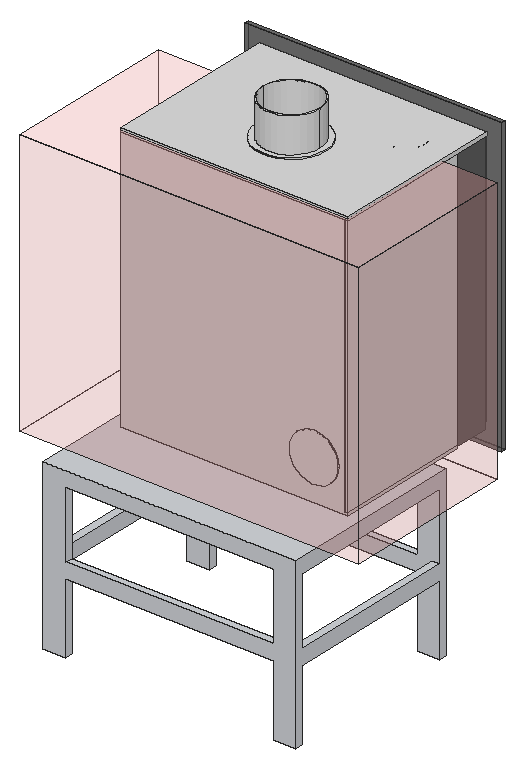
Revit family "FOGO MONTANHA-DESIGN-E609H-STEEL DOOR-R19-V00", category Mechanical Equipment, host Wall, Revit 2019
Family settings
  Host = Wall
  Round Connector Dimension = Use Diameter
  Part Type = Normal
  OmniClass Number = 23.19.17.00
  Always vertical = Yes
  Cut with Voids When Loaded = No
  Shared = No
  Room Calculation Point = No
Parameters (values of type "Black Steel Door-4 sided Glass Frame 50mm")
  r_SmallDuct_Top = Diameter / 2  # 50 mm
  r_CentralDuct_Top = F / 2  # 75 mm
  r_Duct_back = 65 mm
  V = 182
  Support Table [instance] = yes
  Pu = 5.6
  Power = 8 kW
  Pn = 8
  P = 94
  Glass = Fogo Montanha-Glass
  Frame Type = FOGO MONTANHA-DESIGN-4L FRAME : E609H-50mm-Glass
  Electrical Power = 32 W
  Electric tension = 230 V
  Efficiency at nominal power = "76%"
  Door_Glass_Offset = 70 mm
  Diameter = 100 mm
  Dark Glass = Fogo Montanha-Dark Glass
  URL = "https://welcome.fogo-montanha.com/pesquisar/PA2019P015\r\npesquisar/PA2019P015"
  Door_Position = 5 mm  # constant formula
  Door = Fogo Montanha-Black Steel
  Offset_Door-Frame = 26.7 mm
  Model = "Design-E609H"  # constant formula
  Manufacturer URL = "www.fogo-montanha.com"
  Manufacturer = "Fogo Montanha"  # constant formula
  Height from Level [instance] = 450 mm
  Version = "v00"  # constant formula
  Uniformat II Description = "Heat Generating Systems"  # constant formula
  Uniformat II Code = "D3020"  # constant formula
  Uniclass 2015 Name = "Space heaters"  # constant formula
  Uniclass 2015 Code = "TE_70_10_20_80"  # constant formula
  Uniclass 2.0 Description = "Space Heating And Cooling Products"  # constant formula
  Uniclass 2.0 Code = "PR-70-60-36-74"  # constant formula
  Uniclass 1.4 Description = "Fireplaces"  # constant formula
  Uniclass 1.4 Code = "L828"  # constant formula
  UNSPSC Description = "Space Heaters"  # constant formula
  UNSPSC Code = "40101819"  # constant formula
  Reference = "PA2019P015"
  Publication date = "08/2022"  # constant formula
  Number of Poles = 1
  NBS Reference Description = "Room Heaters"  # constant formula
  NBS Reference Code = "60-36-74"  # constant formula
  Masterformat 2014 Description = "Fireplaces and Stoves"  # constant formula
  Masterformat 2014 Code = "10 30 00"  # constant formula
  K = B + 13 mm  # 713 mm
  J = A + 17 mm  # 607 mm
  IfcExportType = "IfcSpaceHeaterType"  # constant formula
  IfcExportAs = "IfcSpaceHeater"  # constant formula
  G = 285 mm
  F = 150 mm
  Offset_Duct_Back = 90 mm
  Clearance Zone Visible [instance] = yes
  Clearance Zone = 150 mm
  Cl = 2.4
  CO2 = 9.1
  CO 13% O2 = 0.067
  Aux_Duct_Top = 120 mm
  Det_Door = 10 mm
  Description = "Inseríveis a lenha com ventilação tangencial incluída de série, disponíveis em preto, cinza ou porta em vidro. Incluem porta com sistema de fecho automático, ar externo canalizável através de um kit opcional, dupla combustão e câmara estanque. Possibilidade de regulação da ventilação através de um controlador GLA que, com a inclusão de um Damper, permitirá também o controlo do ar de combustão. Kit wi-fi opcional para gestão do controlador GLA à distância através de smartphone."  # constant formula
  D = 465 mm
  Body = Fogo Montanha-Steel Galvanized
  Base_Offset [instance] = if(and(Height from Level < 300 mm, Support Table), 300 mm, if(and(Height from Level > 545 mm, Support Table), 545 mm, Height from Level))  # 450 mm
  E = B  # 700 mm
  C = A  # 590 mm
  BIM Modeler URL = "www.stratbim.com"
  BIM Modeler = "StratBIM"
  B = 700 mm
  Assembly Code = "D3020"
  A = 590 mm
Types (6, lengths in mm): name | r_CentralDuct_Top | V | Pu | Pn | P | Frame Type | URL | Door | K | J | G | F | Clearance Zone | Cl | CO2 | CO 13% O2 | Det_Door | E | C | B | A
  Black Steel Door-4 sided Glass Frame 50mm | 75 | 182 | 5.6 | 8 | 94 | FOGO MONTANHA-DESIGN-4L FRAME : E609H-50mm-Glass | "https://welcome.fogo-montanha.com/pesquisar/PA2019P015\r\npesquisar/PA2019P015" | Fogo Montanha-Black Steel | 713 | 607 | 285 | 150 | 150 | 2.4 | 9.1 | 0.067 | 10 | 700 | 590 | 700 | 590
  Black Steel Door-3 sided Glass Frame 50mm | 75 | 182 | 5.6 | 8 | 94 | FOGO MONTANHA-DESIGN-3L FRAME : E609H-50mm-Glass | "https://welcome.fogo-montanha.com/pesquisar/PA2019P015\r\npesquisar/PA2019P015" | Fogo Montanha-Black Steel | 713 | 607 | 285 | 150 | 150 | 2.4 | 9.1 | 0.067 | 10 | 700 | 590 | 700 | 590
  Black Steel Door-4 sided Black Steel Frame 20mm | 90 | 214 | 6.6 | 9.4 | 105 | FOGO MONTANHA-DESIGN-4L FRAME : E609H-20mm-Black Steel | "https://welcome.fogo-montanha.com/pesquisar/PA2019P015" | Fogo Montanha-Dark Glass | 577 | 707 | 275 | 180 | 100 | 2.8 | 8.6 | 0.07 | -1 | 564 | 690 | 564 | 690
  Black Steel Door-3 sided Black Steel Frame 20mm | 75 | 182 | 5.6 | 8 | 94 | FOGO MONTANHA-DESIGN-3L FRAME : E609H-20mm-Black Steel | "https://welcome.fogo-montanha.com/pesquisar/PA2019P015\r\npesquisar/PA2019P015" | Fogo Montanha-Black Steel | 713 | 607 | 285 | 150 | 150 | 2.4 | 9.1 | 0.067 | 10 | 700 | 590 | 700 | 590
  Black Steel Door-3 sided Black Steel Frame 45mm | 75 | 182 | 5.6 | 8 | 94 | FOGO MONTANHA-DESIGN-3L FRAME : E609H-45mm-Black Steel | "https://welcome.fogo-montanha.com/pesquisar/PA2019P015" | Fogo Montanha-Black Steel | 713 | 607 | 285 | 150 | 150 | 2.4 | 9.1 | 0.067 | 10 | 700 | 590 | 700 | 590
  Black Steel Door-4 sided Black Steel Frame 45mm | 75 | 182 | 5.6 | 8 | 94 | FOGO MONTANHA-DESIGN-4L FRAME : E609H-45mm-Black Steel | "https://welcome.fogo-montanha.com/pesquisar/PA2019P015" | Fogo Montanha-Black Steel | 713 | 607 | 285 | 150 | 150 | 2.4 | 9.1 | 0.067 | 10 | 700 | 590 | 700 | 590
Reference planes
  plane 1 "Wall": y = 0
  plane 2 "Center (Left/Right)": x = 0
  plane 3 "Front": y = 75
  plane 4 "2": x = 295
  plane 5 "3": x = -295
  plane 6 "4": x = -295
  plane 7 "5": x = 295
  plane 8 "6": x = -303.5
  plane 9 "7": x = 303.5
  plane 10 "K'": z = 1163
  plane 11 "K": z = 450
  plane 12: y = -200
  plane 13: y = -390
  plane 14 "8": x = -50
  plane 15 "9": x = 50
  plane 16 "10": x = 213.5
  plane 17: z = 806.5
  plane 18 "B'": z = 1156.5
  plane 19 "B": z = 456.5
  plane 20 "E'": z = 1156.5
  plane 21 "E": z = 456.5
  plane 22 "L": z = 558.7
  plane 23: y = -46
  plane 24 "M": x = -183.5
  plane 25 "M'": x = 183.5
  plane 26: z = 462
  plane 27 "S": x = -298.5
  plane 28 "T": x = 298.5
  plane 29 "U": x = 271.8
  plane 30 "V": x = -271.8
  plane 31: z = 1129.8
  plane 32: z = 488.7
  plane 33: z = 558.7
  plane 34: z = 1059.8
  plane 35 "W": x = 201.8
  plane 36 "X": x = -201.8
  plane 37: y = -340
  plane 38 "Y": x = 100
  plane 39 "AA": x = -100
  plane 40: y = 87
  plane 41 "BB": z = 1263
  plane 42 "Origin": z = 0
  plane 43: y = -25
Forms (mm)
  Extrusion 1, solid, material "Fogo Montanha-Steel Galvanized" <- "Body", detail levels coarse
    sketch origin (0, 75, 0) x (1, 0, 0) y (0, 0, 1)
      loop
        line (303.5, 450) -> (303.5, 1156.5) -> (-303.5, 1156.5) -> (-303.5, 450) -> (303.5, 450)
    from 0 to 465
  Extrusion 2, solid, material "Fogo Montanha-Steel Galvanized" <- "Body", detail levels medium+fine
    sketch origin (-303.5, 0, 0) x (0, 1, 0) y (0, 0, 1)
      loop
        line (-25, 456.5) -> (-25, 1156.5) -> (-200, 1156.5) -> (-390, 1156.5) -> (-390, 456.5) -> (-25, 456.5)
    from 0 to 8.5
  Extrusion 3, solid, material "Fogo Montanha-Steel Galvanized" <- "Body", detail levels medium+fine
    sketch origin (303.5, 30, 0) x (0, 1, 0) y (0, 0, -1)
      loop
        line (-55, -456.5) -> (-420, -456.5) -> (-420, -1156.5) -> (-230, -1156.5) -> (-55, -1156.5) -> (-55, -456.5)
    from 0 to 8.5
  Extrusion 4, solid, material "Fogo Montanha-Steel Galvanized" <- "Body", detail levels medium+fine
    sketch origin (1420, -390, 1200) x (1, 0, 0) y (0, 0, 1)
      loop
        line (-1125, -743.5) -> (-1125, -43.5) -> (-1715, -43.5) -> (-1715, -743.5) -> (-1125, -743.5)
    from 0 to -8
  Extrusion 5, solid, material "Fogo Montanha-Steel Galvanized" <- "Body", detail levels medium+fine
    sketch origin (2348.699, 225, 1156.5) x (1, 0, 0) y (0, 1, 0)
      loop
        line (-2652.199, -150) -> (-2652.199, -615) -> (-2045.199, -615) -> (-2045.199, -150) -> (-2652.199, -150)
      loop
        circle (-2348.699, -425) r 75
    from 10 to 0
  Extrusion 6, solid, material "Fogo Montanha-Steel Galvanized" <- "Body", detail levels medium+fine
    sketch origin (2348.699, 225, 456.5) x (1, 0, 0) y (0, 1, 0)
      loop
        line (-2652.199, -250) -> (-2652.199, -615) -> (-2045.199, -615) -> (-2045.199, -250) -> (-2652.199, -250)
    from -6.5 to 0
  Extrusion 7, solid, material "Fogo Montanha-Steel Galvanized" <- "Body", detail levels medium+fine
    sketch origin (1420, -390, 1200) x (1, 0, 0) y (0, 0, 1)
      loop
        circle (-1206.5, -641.3) r 65
    from 0 to 1
  Sweep 8, solid, material "Fogo Montanha-Steel Galvanized" <- "Body"
    path in 3D
      loop
        arc (-75, -200, 1163) -> (0, -275, 1163) -> (75, -200, 1163) r 75
        arc (75, -200, 1163) -> (0, -125, 1163) -> (-75, -200, 1163) r 75
    profile origin (0, -125, 1163) x (0, -1, 0) y (0, 0, 1)
      loop
        line (0, 3.5) -> (0, 100) -> (-2, 100) -> (-2, 6.467) -> (-17, 6.467) -> (-17, 3.5) -> (0, 3.5)
  Extrusion 9, solid, material "Fogo Montanha-Dark Glass" <- "Dark Glass", detail levels medium+fine
    sketch origin (0, 75, 0) x (1, 0, 0) y (0, 0, 1)
      loop
        line (271.8, 488.7) -> (271.8, 1129.8) -> (-271.8, 1129.8) -> (-271.8, 488.7) -> (271.8, 488.7)
      loop
        line (201.8, 558.7) -> (201.8, 1059.8) -> (-201.8, 1059.8) -> (-201.8, 558.7) -> (201.8, 558.7)
    from 0 to -2
  Extrusion 10, solid, material "Fogo Montanha-Vermiculite", detail levels medium+fine
    sketch origin (-271.8, 0, 0) x (0, 1, 0) y (0, 0, 1)
      loop
        line (-25, 488.7) -> (-25, 1059.8) -> (-200, 1059.8) -> (-340, 806.5) -> (-340, 488.7) -> (-25, 488.7)
    from 0 to 8.5
  Extrusion 11, solid, material "Fogo Montanha-Vermiculite", detail levels medium+fine
    sketch origin (271.8, 0, 0) x (0, 1, 0) y (0, 0, 1)
      loop
        line (-25, 488.7) -> (-25, 1059.8) -> (-200, 1059.8) -> (-340, 806.5) -> (-340, 488.7) -> (-25, 488.7)
    from 0 to -8.5
  Extrusion 12, solid, material "Fogo Montanha-Vermiculite", detail levels medium+fine
    sketch origin (1420, -340, 1200) x (1, 0, 0) y (0, 0, 1)
      loop
        line (-1156.7, -711.3) -> (-1156.7, -393.5) -> (-1683.3, -393.5) -> (-1683.3, -711.3) -> (-1156.7, -711.3)
    from 0 to -8.5
  Extrusion 13, solid, material "Fogo Montanha-Vermiculite", detail levels medium+fine
    sketch origin (0, 0, 0) x (0, 1, 0) y (0, 0, 1)
      loop
        line (-200, 1059.8) -> (-340, 806.5) -> (-329.009, 806.5) -> (-200, 1046.392) -> (-200, 1059.8)
    from -271.8 to 271.8
  Extrusion 14, solid, material "Fogo Montanha-Vermiculite", detail levels medium+fine
    sketch origin (2348.699, 225, 488.7) x (1, 0, 0) y (0, 1, 0)
      loop
        line (-2620.499, -250) -> (-2620.499, -565) -> (-2076.899, -565) -> (-2076.899, -250) -> (-2620.499, -250)
      loop
        line (-2248.699, -271) -> (-2448.699, -271) -> (-2448.699, -425) -> (-2248.699, -425) -> (-2248.699, -271)
    from 0 to 10
  Extrusion 15, solid, material "Fogo Montanha-Steel Galvanized", detail levels medium+fine
    sketch origin (2348.699, 225, 488.7) x (1, 0, 0) y (0, 1, 0)
      loop
        line (-2248.699, -271) -> (-2448.699, -271) -> (-2448.699, -425) -> (-2248.699, -425) -> (-2248.699, -271)
      loop
        line (-2435.699, -300) -> (-2361.699, -300)
        arc (-2361.699, -300) -> (-2359.578, -299.121) -> (-2358.699, -297) r 3
        line (-2358.699, -297) -> (-2358.699, -284)
        arc (-2358.699, -284) -> (-2359.578, -281.879) -> (-2361.699, -281) r 3
        line (-2361.699, -281) -> (-2435.699, -281)
        arc (-2435.699, -281) -> (-2437.82, -281.879) -> (-2438.699, -284) r 3
        line (-2438.699, -284) -> (-2438.699, -297)
        arc (-2438.699, -297) -> (-2437.82, -299.121) -> (-2435.699, -300) r 3
      loop
        arc (-2261.699, -300) -> (-2259.578, -299.121) -> (-2258.699, -297) r 3
        line (-2258.699, -297) -> (-2258.699, -284)
        arc (-2258.699, -284) -> (-2259.578, -281.879) -> (-2261.699, -281) r 3
        line (-2261.699, -281) -> (-2335.699, -281)
        arc (-2335.699, -281) -> (-2337.82, -281.879) -> (-2338.699, -284) r 3
        line (-2338.699, -284) -> (-2338.699, -297)
        arc (-2338.699, -297) -> (-2337.82, -299.121) -> (-2335.699, -300) r 3
        line (-2335.699, -300) -> (-2261.699, -300)
      loop
        line (-2435.699, -329) -> (-2361.699, -329)
        arc (-2361.699, -329) -> (-2359.578, -328.121) -> (-2358.699, -326) r 3
        line (-2358.699, -326) -> (-2358.699, -313)
        arc (-2358.699, -313) -> (-2359.578, -310.879) -> (-2361.699, -310) r 3
        line (-2361.699, -310) -> (-2435.699, -310)
        arc (-2435.699, -310) -> (-2437.82, -310.879) -> (-2438.699, -313) r 3
        line (-2438.699, -313) -> (-2438.699, -326)
        arc (-2438.699, -326) -> (-2437.82, -328.121) -> (-2435.699, -329) r 3
      loop
        arc (-2261.699, -329) -> (-2259.578, -328.121) -> (-2258.699, -326) r 3
        line (-2258.699, -326) -> (-2258.699, -313)
        arc (-2258.699, -313) -> (-2259.578, -310.879) -> (-2261.699, -310) r 3
        line (-2261.699, -310) -> (-2335.699, -310)
        arc (-2335.699, -310) -> (-2337.82, -310.879) -> (-2338.699, -313) r 3
        line (-2338.699, -313) -> (-2338.699, -326)
        arc (-2338.699, -326) -> (-2337.82, -328.121) -> (-2335.699, -329) r 3
        line (-2335.699, -329) -> (-2261.699, -329)
      loop
        line (-2435.699, -358) -> (-2361.699, -358)
        arc (-2361.699, -358) -> (-2359.578, -357.121) -> (-2358.699, -355) r 3
        line (-2358.699, -355) -> (-2358.699, -342)
        arc (-2358.699, -342) -> (-2359.578, -339.879) -> (-2361.699, -339) r 3
        line (-2361.699, -339) -> (-2435.699, -339)
        arc (-2435.699, -339) -> (-2437.82, -339.879) -> (-2438.699, -342) r 3
        line (-2438.699, -342) -> (-2438.699, -355)
        arc (-2438.699, -355) -> (-2437.82, -357.121) -> (-2435.699, -358) r 3
      loop
        arc (-2261.699, -358) -> (-2259.578, -357.121) -> (-2258.699, -355) r 3
        line (-2258.699, -355) -> (-2258.699, -342)
        arc (-2258.699, -342) -> (-2259.578, -339.879) -> (-2261.699, -339) r 3
        line (-2261.699, -339) -> (-2335.699, -339)
        arc (-2335.699, -339) -> (-2337.82, -339.879) -> (-2338.699, -342) r 3
        line (-2338.699, -342) -> (-2338.699, -355)
        arc (-2338.699, -355) -> (-2337.82, -357.121) -> (-2335.699, -358) r 3
        line (-2335.699, -358) -> (-2261.699, -358)
      loop
        line (-2435.699, -387) -> (-2361.699, -387)
        arc (-2361.699, -387) -> (-2359.578, -386.121) -> (-2358.699, -384) r 3
        line (-2358.699, -384) -> (-2358.699, -371)
        arc (-2358.699, -371) -> (-2359.578, -368.879) -> (-2361.699, -368) r 3
        line (-2361.699, -368) -> (-2435.699, -368)
        arc (-2435.699, -368) -> (-2437.82, -368.879) -> (-2438.699, -371) r 3
        line (-2438.699, -371) -> (-2438.699, -384)
        arc (-2438.699, -384) -> (-2437.82, -386.121) -> (-2435.699, -387) r 3
      loop
        arc (-2261.699, -387) -> (-2259.578, -386.121) -> (-2258.699, -384) r 3
        line (-2258.699, -384) -> (-2258.699, -371)
        arc (-2258.699, -371) -> (-2259.578, -368.879) -> (-2261.699, -368) r 3
        line (-2261.699, -368) -> (-2335.699, -368)
        arc (-2335.699, -368) -> (-2337.82, -368.879) -> (-2338.699, -371) r 3
        line (-2338.699, -371) -> (-2338.699, -384)
        arc (-2338.699, -384) -> (-2337.82, -386.121) -> (-2335.699, -387) r 3
        line (-2335.699, -387) -> (-2261.699, -387)
      loop
        line (-2435.699, -416) -> (-2361.699, -416)
        arc (-2361.699, -416) -> (-2359.578, -415.121) -> (-2358.699, -413) r 3
        line (-2358.699, -413) -> (-2358.699, -400)
        arc (-2358.699, -400) -> (-2359.578, -397.879) -> (-2361.699, -397) r 3
        line (-2361.699, -397) -> (-2435.699, -397)
        arc (-2435.699, -397) -> (-2437.82, -397.879) -> (-2438.699, -400) r 3
        line (-2438.699, -400) -> (-2438.699, -413)
        arc (-2438.699, -413) -> (-2437.82, -415.121) -> (-2435.699, -416) r 3
      loop
        arc (-2261.699, -416) -> (-2259.578, -415.121) -> (-2258.699, -413) r 3
        line (-2258.699, -413) -> (-2258.699, -400)
        arc (-2258.699, -400) -> (-2259.578, -397.879) -> (-2261.699, -397) r 3
        line (-2261.699, -397) -> (-2335.699, -397)
        arc (-2335.699, -397) -> (-2337.82, -397.879) -> (-2338.699, -400) r 3
        line (-2338.699, -400) -> (-2338.699, -413)
        arc (-2338.699, -413) -> (-2337.82, -415.121) -> (-2335.699, -416) r 3
        line (-2335.699, -416) -> (-2261.699, -416)
    from 0 to 10
  Extrusion 16, solid, material "Fogo Montanha-Black Steel", detail levels medium+fine
    sketch origin (0, 75, 0) x (1, 0, 0) y (0, 0, 1)
      loop
        line (271.8, 488.7) -> (271.8, 1129.8) -> (-271.8, 1129.8) -> (-271.8, 488.7) -> (-269.8, 488.7) -> (-269.8, 1127.8) -> (269.8, 1127.8) -> (269.8, 488.7) -> (271.8, 488.7)
    from 0 to 100
  Extrusion 17, solid, visible <- "Clearance Zone Visible"
    sketch origin (2348.699, 225, 1156.5) x (1, 0, 0) y (0, 1, 0)
      loop
        line (-2802.199, -300) -> (-2802.199, -765) -> (-1895.199, -765) -> (-1895.199, -300) -> (-2045.199, -300) -> (-2045.199, -615) -> (-2652.199, -615) -> (-2652.199, -300) -> (-2802.199, -300)
    from -706.5 to 6.5
  Extrusion 18, solid
    sketch origin (2348.699, 225, 1163) x (1, 0, 0) y (0, 1, 0)
      loop
        circle (-2165.199, -271) r 50
    from 0 to 1
  Extrusion 19, solid
    sketch origin (2348.699, 225, 1163) x (1, 0, 0) y (0, 1, 0)
      loop
        circle (-2532.199, -271) r 50
    from 0 to 1
  Extrusion 20, solid, material "Fogo Montanha-Black Steel", detail levels medium+fine
    sketch origin (1420, -25, 1200) x (1, 0, 0) y (0, 0, 1)
      loop
        line (-1148.2, -711.3) -> (-1148.2, -70.2) -> (-1691.8, -70.2) -> (-1691.8, -711.3) -> (-1148.2, -711.3)
      loop
        line (-1125, -750) -> (-1125, -43.5) -> (-1715, -43.5) -> (-1715, -750) -> (-1125, -750)
    from 0 to -10
  Extrusion 21, solid, material "Fogo Montanha-Black Steel", detail levels medium+fine
    sketch origin (0, 75, 0) x (1, 0, 0) y (0, 0, 1)
      loop
        line (271.8, 486.7) -> (271.8, 1129.8) -> (-271.8, 1129.8) -> (-271.8, 486.7) -> (271.8, 486.7)
      loop
        line (269.8, 488.7) -> (269.8, 1127.8) -> (-269.8, 1127.8) -> (-269.8, 488.7) -> (269.8, 488.7)
    from 0 to 100
  Extrusion 22, solid, material "Fogo Montanha-Black Steel", detail levels medium+fine
    sketch origin (0, 75, 0) x (1, 0, 0) y (0, 0, 1)
      loop
        line (297, 450) -> (297, 1156.5) -> (-297, 1156.5) -> (-297, 450) -> (297, 450)
      loop
        line (295, 452) -> (295, 1154.5) -> (-295, 1154.5) -> (-295, 452) -> (295, 452)
    from 0 to 100
  Extrusion 23, solid, material "Fogo Montanha-Dark Glass", detail levels medium+fine
    sketch origin (0, 75, 0) x (1, 0, 0) y (0, 0, 1)
      loop
        line (271.8, 488.7) -> (271.8, 1129.8) -> (-271.8, 1129.8) -> (-271.8, 488.7) -> (271.8, 488.7)
      loop
        line (-201.8, 558.7) -> (201.8, 558.7) -> (201.8, 1059.8) -> (-201.8, 1059.8) -> (-201.8, 558.7)
    from 0 to 2
  Extrusion 24, solid, material "Fogo Montanha-Glass" <- "Glass", detail levels medium+fine
    sketch origin (0, 75, 0) x (1, 0, 0) y (0, 0, 1)
      loop
        line (201.8, 558.7) -> (201.8, 1059.8) -> (-201.8, 1059.8) -> (-201.8, 558.7) -> (201.8, 558.7)
    from 0 to 2
  Extrusion 25, solid, material "Fogo Montanha-Steel", detail levels medium+fine
    sketch origin (0, 0, 0) x (0, 1, 0) y (0, 0, 1)
      loop
        line (-46, 1088.8) -> (-46, 1096.8) -> (-250, 1096.8) -> (-250, 1071.347) -> (-200, 1071.347) -> (-180, 1059.8) -> (-75, 1059.8) -> (-46, 1088.8)
    from -150 to 150
  Extrusion 26, solid, material "Fogo Montanha-Black Steel", detail levels medium+fine
    sketch origin (0, 0, 103.5) x (1, 0, 0) y (0, 0, 1)
      loop
        line (271.8, 385.2) -> (271.8, 1026.3) -> (-271.8, 1026.3) -> (-271.8, 385.2) -> (271.8, 385.2)
      loop
        line (-201.8, 455.2) -> (201.8, 455.2) -> (201.8, 956.3) -> (-201.8, 956.3) -> (-201.8, 455.2)
    from -20 to -22
  Extrusion 27, solid, material "Fogo Montanha-Black Steel", detail levels medium+fine
    sketch origin (0, 75, 107.7) x (1, 0, 0) y (0, 0, 1)
      loop
        line (271.8, 451) -> (-271.8, 451) -> (-271.8, 449) -> (271.8, 449) -> (271.8, 451)
    from 2 to 53
Cuts and joins
  joined: Extrusion 10, Extrusion 11, Extrusion 12, Extrusion 13, Extrusion 14
  joined: Extrusion 21, Extrusion 27
  joined: Extrusion 16, Extrusion 26
  joined: Extrusion 2, Extrusion 4, Extrusion 6
Lines and regions (mm)
  Opening 1
    outline origin (-5000, -75, 0) x (1, 0, 0) y (0, 0, 1)
      loop
        line (4696.5, 450) -> (5303.5, 450) -> (5303.5, 1163) -> (4696.5, 1163) -> (4696.5, 450)
  reference lines
    curve 1: circle (0, -200, 1163) r 75 normal (0, 0, 1)
    curve 2: circle (213.5, 75, 558.7) r 65 normal (0, -1, 0)
    curve 4: circle (-183.5, -46, 1156.5) r 50 normal (0, 0, 1)
    curve 5: circle (183.5, -46, 1156.5) r 50 normal (0, 0, 1)
  sketch lines
    curve 3: circle (0, -200, 1163) r 75 normal (0, 0, 1)
Text (mm)
  text "Placement side" at (-1304.494, 278.82, 0), in view "Ref. Level"
  text "Placement side" at (0, 1334.055, 2976.191), in view "Left"
  text "Placement side" at (0, 439.194, 2944.362), in view "Right"
Dimensions and locks
  locked: plane 3 "Front" to host wall at 0
  "C": plane 4 "2" to plane 5 "3"
  equal spacing: plane 4 "2", plane 2 "Center (Left/Right)", plane 5 "3"
  equal spacing: plane 7 "5", plane 2 "Center (Left/Right)", plane 6 "4"
  "A": plane 7 "5" to plane 6 "4"
  equal spacing: plane 9 "7", plane 2 "Center (Left/Right)", plane 8 "6"
  "J": plane 8 "6" to plane 9 "7"
  "K": plane 11 "K" to plane 10 "K'"
  "Base_Offset": level to plane 11 "K"
  equal spacing: plane 14 "8", plane 2 "Center (Left/Right)", plane 15 "9"
  plane 14 "8" to plane 15 "9" = 100 mm
  equal spacing: plane 11 "K", plane 17, plane 10 "K'"
  equal spacing: plane 19 "B", plane 17, plane 18 "B'"
  "B": plane 19 "B" to plane 18 "B'"
  equal spacing: plane 21 "E", plane 17, plane 20 "E'"
  "E": plane 21 "E" to plane 20 "E'"
  "Offset_Duct_Back": plane 9 "7" to plane 16 "10"
  locked: plane 11 "K" to plane 22 "L" at 108.7
  "Aux_Duct_Top": plane 8 "6" to plane 24 "M"
  "Aux_Duct_Top": plane 25 "M'" to plane 9 "7"
  "Offset_Door-Frame": plane 26 to plane 32
  "Offset_Door-Frame": plane 28 "T" to plane 29 "U"
  "Offset_Door-Frame": plane 30 "V" to plane 27 "S"
  "Door_Glass_Offset": plane 32 to plane 33
  "Door_Glass_Offset": plane 34 to plane 31
  "Door_Glass_Offset": plane 29 "U" to plane 35 "W"
  "Door_Glass_Offset": plane 36 "X" to plane 30 "V"
  locked: plane 13 to plane 37 at 50
  locked: plane 3 "Front" to plane 40 at 12
  Extrusion 15 sketch curve to Extrusion 15 sketch curve to Extrusion 15 sketch curve to Extrusion 15 sketch curve to Extrusion 15 sketch curve to Extrusion 15 sketch curve = 10 mm locked, 80 mm locked, 20 mm locked, 80 mm locked, 10 mm locked
  Extrusion 15 sketch curve to Extrusion 15 sketch curve to Extrusion 15 sketch curve to Extrusion 15 sketch curve to Extrusion 15 sketch curve to Extrusion 15 sketch curve to Extrusion 15 sketch curve to Extrusion 15 sketch curve to Extrusion 15 sketch curve to Extrusion 15 sketch curve to Extrusion 15 sketch curve to Extrusion 15 sketch curve = 10 mm locked, 19 mm locked, 10 mm locked, 19 mm locked, 10 mm locked, 19 mm locked, 10 mm locked, 19 mm locked, 10 mm locked, 19 mm locked, 9 mm locked
  "Door_Position": plane 9 "7" to plane 28 "T"
  "Door_Position": plane 27 "S" to plane 8 "6"
  locked: plane 43 to plane 3 "Front" at 100
  "Clearance Zone": Extrusion 17 sketch curve to Extrusion 17 sketch curve  (x3)
  locked: Extrusion 9 to Extrusion 16 at 2
  locked: Extrusion 16 to Extrusion 9 at 2  (x2)
  locked: Extrusion 21 sketch curve to Extrusion 9 at 2
  "Offset_Door-Frame": plane 31 to plane 20 "E'"
  locked: plane 10 "K'" to plane 41 "BB" at 100
  Extrusion 27 sketch curve to plane 33 = 2 mm
  plane 11 "K" to Extrusion 22 sketch curve = 2 mm
  locked: Extrusion 22 sketch curve to plane 20 "E'" at 2
  locked: Extrusion 22 sketch curve to plane 7 "5" at 2
  locked: plane 6 "4" to Extrusion 22 sketch curve at 2
  plane 11 "K" to plane 21 "E" = 6.5 mm
  locked: plane 11 "K" to plane 26 at 12
  locked: plane 37 to plane 12 at 140
  locked: plane 12 to plane 23 at 154
  locked: plane 23 to plane 43 at 21
  locked: plane 43 to plane 1 "Wall" at 25
  cut or joined group of Extrusion 16, Extrusion 26 to cut or joined group of Extrusion 16, Extrusion 26 to plane 40 = 2 mm locked, 65 mm locked
  "r_CentralDuct_Top": radius of curve 1
  "r_Duct_back": radius of curve 2
  "r_SmallDuct_Top": radius of curve 5
  "r_SmallDuct_Top": radius of curve 4
  aligned and locked: plane 8 "6" to Opening 1 sketch curve
  aligned and locked: Opening 1 sketch curve to plane 9 "7"
  aligned and locked: plane 10 "K'" to Opening 1 sketch curve
  aligned and locked: plane 11 "K" to Opening 1 sketch curve
  aligned and locked: plane 8 "6" to Extrusion 1 sketch curve
  aligned and locked: Extrusion 1 sketch curve to plane 9 "7"
  aligned and locked: plane 18 "B'" to Extrusion 1 sketch curve
  aligned and locked: plane 13 to Extrusion 1
  aligned and locked: plane 19 "B" to Extrusion 2 sketch curve
  aligned and locked: plane 18 "B'" to Extrusion 2 sketch curve
  aligned and locked: plane 13 to Extrusion 2 sketch curve
  aligned and locked: Extrusion 3 sketch curve to plane 18 "B'"
  aligned and locked: Extrusion 3 sketch curve to plane 13
  aligned and locked: Extrusion 3 sketch curve to plane 19 "B"
  aligned and locked: plane 4 "2" to Extrusion 4 sketch curve
  aligned and locked: plane 5 "3" to Extrusion 4 sketch curve
  aligned and locked: plane 21 "E" to Extrusion 4 sketch curve
  aligned and locked: plane 20 "E'" to Extrusion 4 sketch curve
  aligned and locked: plane 5 "3" to Extrusion 2
  aligned and locked: Extrusion 3 to plane 4 "2"
  aligned and locked: Extrusion 5 sketch curve to plane 8 "6"
  aligned and locked: plane 9 "7" to Extrusion 5 sketch curve
  aligned and locked: Extrusion 5 sketch curve to plane 13
  aligned and locked: Extrusion 5 sketch curve to curve 1
  aligned and locked: plane 9 "7" to Extrusion 6 sketch curve
  aligned and locked: Extrusion 6 sketch curve to plane 8 "6"
  aligned and locked: Extrusion 6 sketch curve to plane 13
  aligned and locked: Extrusion 7 sketch curve to curve 2
  aligned and locked: plane 24 "M" to curve 4
  aligned and locked: plane 23 to curve 4
  aligned and locked: plane 23 to curve 5
  aligned and locked: plane 25 "M'" to curve 5
  aligned and locked: plane 32 to Extrusion 9 sketch curve
  aligned and locked: Extrusion 9 sketch curve to plane 29 "U"
  aligned and locked: Extrusion 9 sketch curve to plane 31
  aligned and locked: plane 30 "V" to Extrusion 9 sketch curve
  aligned and locked: Extrusion 10 to plane 32
  aligned and locked: plane 34 to Extrusion 10 sketch curve
  aligned and locked: plane 12 to Extrusion 10 sketch curve
  aligned and locked: Extrusion 12 to Extrusion 10
  aligned and locked: Extrusion 12 to Extrusion 11
  aligned and locked: Extrusion 11 sketch curve to Extrusion 12
  aligned and locked: Extrusion 10 sketch curve to plane 37
  aligned and locked: plane 17 to Extrusion 12
  aligned and locked: plane 17 to Extrusion 10 sketch curve
  aligned and locked: plane 17 to Extrusion 11 sketch curve
  aligned and locked: Extrusion 13 sketch curve to Extrusion 10
  aligned and locked: plane 17 to Extrusion 13 sketch curve
  aligned and locked: plane 12 to Extrusion 13 sketch curve
  aligned and locked: plane 29 "U" to Extrusion 13
  aligned and locked: Extrusion 13 to plane 30 "V"
  aligned and locked: Extrusion 10 to Extrusion 12
  aligned and locked: Extrusion 14 sketch curve to plane 30 "V"
  aligned and locked: Extrusion 14 sketch curve to plane 37
  aligned and locked: Extrusion 14 sketch curve to plane 29 "U"
  aligned and locked: plane 12 to Extrusion 14 sketch curve
  aligned and locked: Extrusion 14 sketch curve to plane 23
  aligned and locked: Extrusion 14 sketch curve to plane 39 "AA"
  aligned and locked: plane 38 "Y" to Extrusion 14 sketch curve
  aligned and locked: Extrusion 15 sketch curve to plane 38 "Y"
  aligned and locked: Extrusion 15 sketch curve to plane 23
  aligned and locked: Extrusion 15 to plane 32
  aligned and locked: Extrusion 14 to Extrusion 15
  aligned and locked: Extrusion 15 sketch curve to Extrusion 15 sketch curve  (x26)
  aligned and locked: nested 1 to plane 2 "Center (Left/Right)"
  aligned and locked: plane 41 "BB" to Sweep 8 sketch curve
  aligned and locked: Extrusion 5 to Sweep 8 sketch curve
  aligned and locked: level to plane 42 "Origin"
  aligned and locked: Extrusion 10 sketch curve to plane 43
  aligned and locked: plane 43 to Extrusion 3 sketch curve
  aligned and locked: Extrusion 2 sketch curve to plane 43
  aligned and locked: plane 29 "U" to Extrusion 16 sketch curve
  aligned and locked: plane 31 to Extrusion 16 sketch curve
  aligned and locked: plane 30 "V" to Extrusion 16 sketch curve
  aligned and locked: Extrusion 16 sketch curve to plane 32
  aligned and locked: plane 32 to Extrusion 16 sketch curve
  aligned and locked: plane 43 to Extrusion 16
  aligned and locked: Extrusion 14 sketch curve to plane 43
  aligned and locked: Extrusion 17 sketch curve to host wall
  aligned and locked: host wall to Extrusion 17 sketch curve
  aligned and locked: Extrusion 17 to host wall  (x2)
  aligned and locked: Extrusion 18 sketch curve to curve 5
  aligned and locked: Extrusion 19 sketch curve to curve 4
  aligned and locked: Extrusion 6 to plane 11 "K"
  aligned and locked: nested 1 to plane 17
  aligned and locked: Extrusion 22 sketch curve to plane 7 "5"
  aligned and locked: Extrusion 22 sketch curve to plane 20 "E'"
  aligned and locked: plane 6 "4" to Extrusion 22 sketch curve
  aligned and locked: plane 31 to Extrusion 23 sketch curve
  aligned and locked: Extrusion 23 sketch curve to plane 30 "V"
  aligned and locked: plane 29 "U" to Extrusion 23 sketch curve
  aligned and locked: Extrusion 23 sketch curve to plane 32
  aligned and locked: Extrusion 6 to Extrusion 2
  aligned and locked: plane 35 "W" to Extrusion 9 sketch curve
  aligned and locked: plane 34 to Extrusion 9 sketch curve
  aligned and locked: plane 36 "X" to Extrusion 9 sketch curve
  aligned and locked: plane 33 to Extrusion 9 sketch curve
  aligned and locked: plane 35 "W" to Extrusion 24 sketch curve
  aligned and locked: plane 34 to Extrusion 24 sketch curve
  aligned and locked: plane 33 to Extrusion 24 sketch curve
  aligned and locked: plane 36 "X" to Extrusion 24 sketch curve
  aligned and locked: Extrusion 11 sketch curve to plane 43
  aligned and locked: plane 23 to Extrusion 25 sketch curve
  aligned and locked: Extrusion 27 to Extrusion 26
  aligned and locked: Extrusion 27 sketch curve to plane 33
  aligned and locked: plane 29 "U" to Extrusion 26 sketch curve
  aligned and locked: Extrusion 26 sketch curve to plane 30 "V"
  aligned and locked: plane 29 "U" to Extrusion 27
  aligned and locked: Extrusion 27 to plane 30 "V"
  aligned and locked: Extrusion 26 sketch curve to plane 34
  aligned and locked: plane 31 to Extrusion 26 sketch curve
  aligned and locked: plane 9 "7" to Extrusion 17 sketch curve
  aligned and locked: Extrusion 17 sketch curve to plane 8 "6"
  aligned and locked: plane 13 to Extrusion 17 sketch curve
  aligned and locked: Extrusion 20 sketch curve to plane 20 "E'"
  aligned and locked: Extrusion 20 sketch curve to plane 31
  aligned and locked: Extrusion 20 sketch curve to plane 32
  aligned and locked: Extrusion 20 sketch curve to plane 7 "5"
  aligned and locked: Extrusion 20 sketch curve to plane 29 "U"
  aligned and locked: Extrusion 20 sketch curve to plane 6 "4"
  aligned and locked: Extrusion 20 sketch curve to plane 30 "V"
  aligned and locked: plane 33 to Extrusion 26 sketch curve
  aligned and locked: Extrusion 26 sketch curve to plane 32
  aligned and locked: Extrusion 1 sketch curve to plane 11 "K"
  aligned and locked: Extrusion 22 sketch curve to plane 11 "K"
  aligned and locked: Extrusion 20 sketch curve to plane 11 "K"
  aligned and locked: nested 2 to plane 2 "Center (Left/Right)"
  aligned and locked: nested 2 to host wall
  aligned and locked: Extrusion 27 to cut or joined group of Extrusion 16, Extrusion 26
  aligned and locked: Extrusion 27 to Extrusion 23
Automatic sketch dimensions
  Extrusion 2 sketch curve to plane 12 = 0 mm
  Extrusion 3 sketch curve to plane 12 = 0 mm
  Extrusion 5 sketch curve to host wall = 0 mm
  Sweep 8 sketch curve to profile plane = 0 mm
  profile plane to Sweep 8 sketch curve = 2 mm
  profile plane to Sweep 8 sketch curve = 6.467 mm
  Sweep 8 sketch curve to Sweep 8 sketch curve = 15 mm
  Extrusion 10 sketch curve to plane 32 = 0 mm
  Extrusion 12 sketch curve to plane 32 = 0 mm
  Extrusion 12 sketch curve to plane 17 = 0 mm
  plane 30 "V" to Extrusion 12 sketch curve = 8.5 mm
  Extrusion 12 sketch curve to plane 29 "U" = 8.5 mm
  Extrusion 13 sketch curve to plane 37 = 10.991 mm
  Extrusion 13 sketch curve to plane 34 = 13.408 mm
  Extrusion 15 sketch curve to Extrusion 15 sketch curve = 3 mm  (x40)
  plane 30 "V" to Extrusion 16 sketch curve = 2 mm
  Extrusion 16 sketch curve to plane 29 "U" = 2 mm
  Extrusion 16 sketch curve to plane 31 = 2 mm
  Extrusion 21 sketch curve to plane 30 "V" = 0 mm
  Extrusion 21 sketch curve to plane 32 = 0 mm
  Extrusion 21 sketch curve to plane 29 "U" = 0 mm
  Extrusion 21 sketch curve to plane 31 = 0 mm
  plane 30 "V" to Extrusion 21 sketch curve = 2 mm
  Extrusion 21 sketch curve to plane 29 "U" = 2 mm
  Extrusion 21 sketch curve to plane 31 = 2 mm
  Extrusion 23 sketch curve to plane 34 = 0 mm
  Extrusion 23 sketch curve to plane 36 "X" = 0 mm
  Extrusion 23 sketch curve to plane 22 "L" = 0 mm
  Extrusion 23 sketch curve to plane 35 "W" = 0 mm
  Extrusion 11 sketch curve to plane 12 = 0 mm
  Extrusion 11 sketch curve to plane 34 = 0 mm
  Extrusion 11 sketch curve to plane 32 = 0 mm
  Extrusion 26 sketch curve to plane 24 "M" = 18.3 mm
  Extrusion 26 sketch curve to plane 25 "M'" = 18.3 mm
  Extrusion 27 sketch curve to plane 36 "X" = 70 mm
  plane 16 "10" to Extrusion 27 sketch curve = 58.3 mm
  plane 43 to Extrusion 6 sketch curve = 0 mm
  Extrusion 25 sketch curve to plane 12 = 0 mm
  Extrusion 25 sketch curve to plane 34 = 0 mm
  plane 34 to Extrusion 25 sketch curve = 11.547 mm
  Extrusion 25 sketch curve to Extrusion 25 sketch curve = 50 mm
  Extrusion 25 sketch curve to plane 12 = 20 mm
  plane 23 to Extrusion 25 sketch curve = 29 mm
  plane 34 to Extrusion 25 sketch curve = 29 mm
  Extrusion 25 sketch curve to Extrusion 25 sketch curve = 8 mm
  curve 2 to plane 16 "10" = 0 mm
  curve 2 to plane 22 "L" = 0 mm
  curve 4 to plane 24 "M" = 0 mm
  curve 1 to plane 2 "Center (Left/Right)" = 0 mm
  plane 12 to curve 1 = 0 mm
Nested families
  nested 1: "FOGO MONTANHA-DESIGN-4L FRAME" at (0, 75, 806.5) x (-1, 0, 0) z (0, 1, 0), type <- "Frame Type", type "E609H-50mm-Glass"
    with Width 50 mm, B 690 mm, A 587 mm
  nested 2: "FOGO MONTANHA-SUPPORT TABLE-R19-V00" at (0, -75, 0) x (-1, 0, 0) z (0, 0, 1), visible <- "Support Table", H <- "Base_Offset", type "PA1090G049"
    with H 450 mm
Connectors
  hvac at (0, -200, 1263), driven by "F"
    settings: on Sweep 8, index 1, duct flow 0.0 L/s, flow factor 0, pres drop 0.0 Pa, loss coef 0, conn angle 0.00°, conn width 304.8 mm, conn height 304.8 mm, conn diameter 150 mm, duct sys type 3, conn prof type 0, flow config 0, flow direction 2, loss method 0, conn ref index -1, conn util no, is conn primary yes, conn desc ""
  electrical at (-303.5, -206, 876.5), driven by "Number of Poles", driven by "Electric tension", driven by "Electrical Power"
    settings: on Extrusion 2, index 3, voltage 230 V, apparent load 32 VA, apparent load phase1 0 VA, apparent load phase2 0 VA, apparent load phase3 0 VA, power factor 1, load classification "Other", number of poles 1, system type 30, power factor state 1, is connector primary yes, connector utility no, sub classification motor no, connector description ""
  hvac at (213.5, -390, 558.7), driven by "Diameter"
    settings: on Extrusion 7, index 4, duct flow 0.0 L/s, flow factor 0, pres drop 0.0 Pa, loss coef 0, conn angle 0.00°, conn width 304.8 mm, conn height 304.8 mm, conn diameter 100 mm, duct sys type 1, conn prof type 0, flow config 0, flow direction 1, loss method 0, conn ref index -1, conn util no, is conn primary no, conn desc ""
  hvac at (-183.5, -46, 1164), driven by "Diameter"
    settings: on Extrusion 19, index 5, duct flow 0.0 L/s, flow factor 0, pres drop 0.0 Pa, loss coef 0, conn angle 0.00°, conn width 304.8 mm, conn height 304.8 mm, conn diameter 100 mm, duct sys type 3, conn prof type 0, flow config 0, flow direction 2, loss method 0, conn ref index -1, conn util no, is conn primary no, conn desc ""
  hvac at (183.5, -46, 1164), driven by "Diameter"
    settings: on Extrusion 18, index 6, duct flow 0.0 L/s, flow factor 0, pres drop 0.0 Pa, loss coef 0, conn angle 0.00°, conn width 304.8 mm, conn height 304.8 mm, conn diameter 100 mm, duct sys type 3, conn prof type 0, flow config 0, flow direction 2, loss method 0, conn ref index -1, conn util no, is conn primary no, conn desc ""
Definition of nested family "FOGO MONTANHA-DESIGN-4L FRAME"
  Parameters (values of type "E609-20mm")
    Width = 20 mm
    Uniformat II Description = "Other HVAC Systems & Equipment"
    Uniformat II Code = "D3090"
    Uniclass 2015 Name = "Fireplace Surrounds"
    Uniclass 2015 Code = "PR_70_60_80_32"
    URL = "https://www.fogo-montanha.com/pt"
    UNSPSC Code = "40101819"
    Thickness = 12 mm
    Reference = "MO2070P132"
    Model = "Design 4 Sided"  # constant formula
    Masterformat 2014 Description = "Fireplace Specialties"
    Masterformat 2014 Code = "10 32 00"
    Manufacturer = "Fogo Montanha"  # constant formula
    Frame Material = none
    Default Elevation = 1219.2 mm
    B = 488 mm
    A = 588 mm
  Types (15, lengths in mm): name | Width | Reference | Default Elevation | B | A
    E609H-50mm | 50 | "MO2070V016" | 1219.2 | 690 | 587
    E609H-45mm | 45 | "MO2070P134" | 1219.2 | 690 | 587
    E609H-20mm | 20 | "MO2070P136" | 1219.2 | 690 | 587
    E609-50mm | 50 | "MO2070V014" | 1219.2 | 488 | 588
    E709-50mm | 50 | "MO2070V018" | 1219.2 | 556 | 688
    E809-50mm | 50 | "MO2070V020" | 1219.2 | 628 | 788
    E909-50mm | 50 | "MO2070V023" | 1219.2 | 698 | 888
    E609-45mm | 45 | "MO2070P130" | 1219.2 | 488 | 588
    E709-45mm | 45 | "MO2070P138" | 5 | 556 | 688
    E809-45mm | 45 | "MO2070P142" | 1219.2 | 628 | 788
    E909-45mm | 45 | "MO2070P146" | 1219.2 | 698 | 888
    E609-20mm | 20 | "MO2070P132" | 1219.2 | 488 | 588
    E709-20mm | 20 | "MO2070P140" | 1219.2 | 556 | 688
    E809-20mm | 20 | "MO2070P144" | 1219.2 | 628 | 788
    E909-20mm | 20 | "MO2070P148" | 1219.2 | 698 | 888
  Reference planes
    plane 1 "Center (Front/Back)": y = 0
    plane 2: z = 0
    plane 3 "Center (Left/Right)": x = 0
    plane 4: x = -294
    plane 5: x = 294
    plane 6: y = 244
    plane 7: y = -244
    plane 8: x = -314
    plane 9: z = 12
  Forms (mm)
    Extrusion 1, solid
      sketch origin (0, 0, 0) x (1, 0, 0) y (0, 1, 0)
        loop
          line (-1219.2, 1219.2) -> (-1219.2, -1219.2) -> (1219.2, -1219.2) -> (1219.2, 1219.2) -> (-1219.2, 1219.2)
      from 0 to -304.8
    Sweep 2, solid, material <- "Frame Material"
      path origin (0, 0, 0) x (1, 0, 0) y (0, 1, 0)
        loop
          line (-294, -244) -> (294, -244) -> (294, 244) -> (-294, 244) -> (-294, -244)
      profile origin (-294, 0, 0) x (1, 0, 0) y (0, 0, 1)
        loop
          line (-20, 12) -> (-20, 0) -> (0, 0) -> (0, 12) -> (-20, 12)
  Dimensions and locks
    equal spacing: plane 6, plane 1 "Center (Front/Back)", plane 7
    "B": plane 6 to plane 7
    equal spacing: plane 4, plane 3 "Center (Left/Right)", plane 5
    "A": plane 4 to plane 5
    "Thickness": plane 9 to plane 2
    "Width": plane 4 to plane 8
    aligned and locked: plane 2 to Extrusion 1
    aligned and locked: level to Extrusion 1
    aligned and locked: plane 7 to Sweep 2 sketch curve
    aligned and locked: Sweep 2 sketch curve to plane 4  (x2)
    aligned and locked: plane 6 to Sweep 2 sketch curve
    aligned and locked: Sweep 2 sketch curve to plane 5
    aligned and locked: Sweep 2 sketch curve to plane 9
    aligned and locked: Sweep 2 sketch curve to plane 8
    aligned and locked: Sweep 2 sketch curve to plane 2
  Automatic sketch dimensions
    Extrusion 1 sketch curve to Extrusion 1 sketch curve = 2438.4 mm  (x2)
Definition of nested family "FOGO MONTANHA-SUPPORT TABLE-R19-V00"
  Parameters (values of type "PA1090G049")
    URL = "https://fogo-montanha.com"
    Reference = "PA1090G049"
    P = 533 mm
    Model = "Support Table"  # constant formula
    Manufacturer = "Fogo Montanha"  # constant formula
    L = 677 mm
    H [instance] = 420 mm
    Description = "Mesa de suporte PA1090G049 compatível com os modelos Classic E601,Classic E701, Design E709, Design E609 e Design E609H."
  Types (4, lengths in mm): name | Reference | P | L | H | Description
    (no name) | "PA1090G049" | 533 | 677 | 420 | "Mesa de suporte PA1090G049 compatível com os modelos Classic E601,Classic E701, Design E709, Design E609 e Design E609H."
    PA1090G027 | "PA1090G027" | 470 | 677 | 300 | "Mesa de suporte PA1090G027 compatível com os modelos SQUARE D e SQUARE V."
    PA1090G049 | "PA1090G049" | 533 | 677 | 420 | "Mesa de suporte PA1090G049 compatível com os modelos Classic E601,Classic E701, Design E709, Design E609 e Design E609H."
    PA1090G051 | "PA1090G051" | 533 | 877 | 504 | "Mesa de suporte PA1090G051 compatível com os modelos Classic E901, Classic E801, Design E909 e Design E809."
  Reference planes
    plane 1 "Center (Front/Back)": y = 0
    plane 2: z = 0
    plane 3 "Center (Left/Right)": x = 0
    plane 4: x = -338.5
    plane 5: x = -318.5
    plane 6: x = -278.5
    plane 7: x = 278.5
    plane 8: x = 318.5
    plane 9: x = 338.5
    plane 10: y = 533
    plane 11: y = 513
    plane 12: y = 50
    plane 13: y = 30
    plane 14: z = 420
    plane 15: z = 380
    plane 16: z = 200
    plane 17: z = 160
  Forms (mm)
    Extrusion 1, solid
      sketch origin (0, 0, 0) x (1, 0, 0) y (0, 1, 0)
        loop
          line (-338.5, 533) -> (-338.5, 513) -> (-278.5, 513) -> (-278.5, 533) -> (-338.5, 533)
        loop
          line (-338.5, 30) -> (-278.5, 30) -> (-278.5, 50) -> (-338.5, 50) -> (-338.5, 30)
        loop
          line (278.5, 50) -> (278.5, 30) -> (338.5, 30) -> (338.5, 50) -> (278.5, 50)
        loop
          line (278.5, 533) -> (278.5, 513) -> (338.5, 513) -> (338.5, 533) -> (278.5, 533)
      from 0 to 380
    Extrusion 2, solid
      sketch origin (0, 0, 0) x (1, 0, 0) y (0, 1, 0)
        loop
          line (-338.5, 533) -> (-338.5, 30) -> (-278.5, 30) -> (-278.5, 0) -> (278.5, 0) -> (278.5, 30) -> (338.5, 30) -> (338.5, 533) -> (-338.5, 533)
      from 380 to 420
    Extrusion 3, solid
      sketch origin (0, 0, 0) x (1, 0, 0) y (0, 1, 0)
        loop
          line (338.5, 533) -> (-338.5, 533) -> (-338.5, 30) -> (338.5, 30) -> (338.5, 533)
        loop
          line (318.5, 513) -> (-318.5, 513) -> (-318.5, 50) -> (318.5, 50) -> (318.5, 513)
      from 160 to 200
  Cuts and joins
    joined: Extrusion 1, Extrusion 2, Extrusion 3
  Dimensions and locks
    locked: plane 4 to plane 5 at 20
    locked: plane 4 to plane 6 at 60
    locked: plane 7 to plane 9 at 60
    equal spacing: plane 4, plane 3 "Center (Left/Right)", plane 9
    "L": plane 4 to plane 9
    locked: plane 10 to plane 11 at 20
    locked: plane 12 to plane 13 at 20
    locked: plane 13 to plane 1 "Center (Front/Back)" at 30
    "P": plane 1 "Center (Front/Back)" to plane 10
    locked: plane 14 to plane 15 at 40
    locked: plane 15 to plane 16 at 180
    locked: plane 16 to plane 17 at 40
    "H": plane 14 to level
    locked: plane 8 to plane 9 at 20
    aligned and locked: level to plane 2
    aligned and locked: Extrusion 1 sketch curve to plane 10  (x2)
    aligned and locked: Extrusion 1 sketch curve to plane 11  (x2)
    aligned and locked: Extrusion 1 sketch curve to plane 6  (x2)
    aligned and locked: Extrusion 1 sketch curve to plane 4  (x2)
    aligned and locked: Extrusion 1 sketch curve to plane 13  (x2)
    aligned and locked: Extrusion 1 sketch curve to plane 12  (x2)
    aligned and locked: Extrusion 1 sketch curve to plane 9  (x2)
    aligned and locked: Extrusion 1 sketch curve to plane 7  (x2)
    aligned and locked: plane 15 to Extrusion 1
    aligned and locked: Extrusion 2 sketch curve to plane 10
    aligned and locked: Extrusion 2 sketch curve to plane 9
    aligned and locked: Extrusion 2 sketch curve to plane 13  (x2)
    aligned and locked: Extrusion 2 sketch curve to plane 1 "Center (Front/Back)"
    aligned and locked: Extrusion 2 sketch curve to plane 4
    aligned and locked: Extrusion 2 sketch curve to plane 6
    aligned and locked: Extrusion 2 sketch curve to plane 7
    aligned and locked: plane 14 to Extrusion 2
    aligned and locked: Extrusion 2 to plane 15
    aligned and locked: Extrusion 3 sketch curve to plane 9
    aligned and locked: Extrusion 3 sketch curve to plane 8
    aligned and locked: Extrusion 3 sketch curve to plane 5
    aligned and locked: Extrusion 3 sketch curve to plane 4
    aligned and locked: Extrusion 3 sketch curve to plane 11
    aligned and locked: Extrusion 3 sketch curve to plane 10
    aligned and locked: Extrusion 3 sketch curve to plane 12
    aligned and locked: Extrusion 3 sketch curve to plane 13
    aligned and locked: plane 16 to Extrusion 3
    aligned and locked: Extrusion 3 to plane 17
